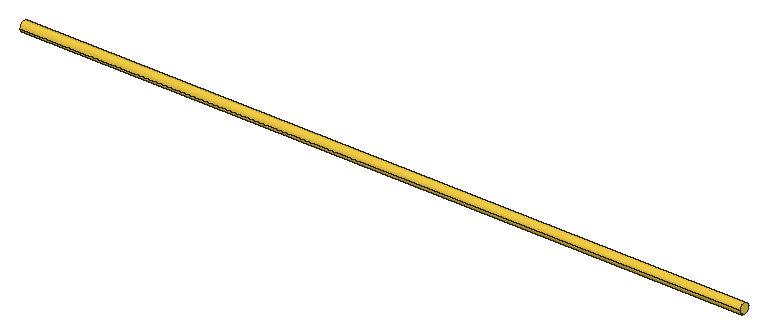
Revit family "TUBE 42-3,1_2034000", category Generic Models, Revit 2018
Family settings
  Can host rebar = No
  Round Connector Dimension = Use Diameter
  Part Type = Normal
  OmniClass Number = 35.51.14.00
  OmniClass Title = FORMWORK
  Work Plane-Based = Yes
  Always vertical = No
  Cut with Voids When Loaded = No
  Shared = Yes
  Room Calculation Point = No
Parameters
  VERSION = "20190101"  # constant formula
  URL = "www.ulmaconstruction.com/en"
  UNICLASS = ""
  ITEM_CODE = "2034000"
  Manufacturer = "ULMA CONSTRUCTION"  # constant formula
  FILTER [instance] = ""
  Default Elevation = 0.000 mm
  CLASSIFICATION_TITLE = ""
  CLASSIFICATION_NUMBER = ""
Reference planes
  plane 1 "Centro (Frontal/Posterior)": y = 0
  plane 2: z = 0
  plane 3 "Centro (Izquierda/Derecha)": x = 0
  plane 4 "ITEM_LENGTH": x = 3100
Forms (mm)
  Extrusion 1, solid, material "ULMA YELLOW"
    sketch origin (0, 0, 0) x (0, 1, 0) y (0, 0, 1)
      loop
        circle (0, 0) r 21
    from 0 to 3100
Lines and regions (mm)
  model lines, style "ULMA FIXING ITEMS", detail levels fine
    curve 1: circle (3100, 0, 0) r 19 normal (1, 0, 0)
    curve 2: circle (0, 0, 0) r 19 normal (1, 0, 0)
Dimensions and locks
  locked: plane 3 "Centro (Izquierda/Derecha)" to plane 4 "ITEM_LENGTH" at 3100
  aligned and locked: level to plane 2
  aligned and locked: plane 4 "ITEM_LENGTH" to Extrusion 1
